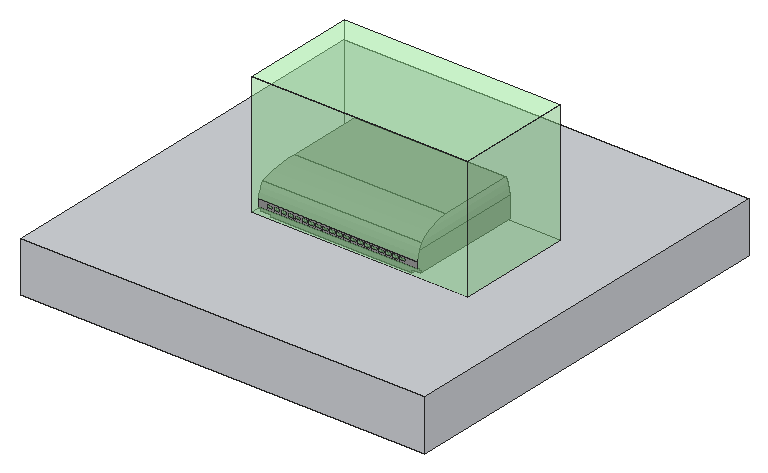
Revit family "RPC_FSN3_1.5_to_6.0_LOD_400", category Equipement de génie climatique, Revit 2016
Family settings
  Hôte = Face
  Type d'élément = Normal
  Cote de connecteur circulaire = Utiliser le diamètre
  Numéro OmniClass = 23.75.70.00
  Titre OmniClass = HVAC Distribution Devices
  Couper avec des vides une fois chargée = Non
  Partagée = Non
  Point de calcul de pièce = Non
Parameters (values of type "RPC FSN3 1.5")
  Usage Current = 5 A
  Sound power max (dB(A)) = 37
  Sound power level (dB(A)) = 53
  Sound power at minimal load (dB(A)) = 28
  Refrigerant = "R410A (factory-charged corrosion-proof nitrogen)"
  Overall Width = 960 mm
  Overall Height = 235 mm
  Overall Depth = 690 mm
  Number of Poles = "1"
  Nominal Voltage = 230 V
  Minimum Air Flow = 9000.0 L/min
  Minimum AC Voltage = 207 V
  Maximum Air Flow = 15000.0 L/min
  Maximum AC Voltage = 253 V
  Mass = 26.00 kg
  Heating Capacity = 4 W
  Gas pipe distance = 94 mm
  Operation and Service space [instance] = yes
  Modèle = "RPC FSN3"
  Liquid pipe diameter = 6 mm
  Frequency = 50 Hz
  Diamètre Gaz Entrée = 15 mm
  Diamètre Eau Entrée = 25 mm
  Liquid pipe Hight = 117 mm
  Drain pipe Hight = 40 mm
  Gas pipe Hight = 107 mm
  Fan motor type (output) = 50 W
  Fabricant = "HITACHI"
  Default Elevation = 1219.2 mm
  Liquid distance = 146 mm
  Drain distance = 222 mm
  Cooling Capacity = 3.6 W
  Color = "Spring white (4.1Y8.5/0.7)"
  BC_OBJECT_ID = "6658"  # constant formula
  Array vent = 20
  Air Flow(HiH/Hi/Me/low) m3/min = "15/13/11/9"
Types (7, lengths in mm): name | Sound power max (dB(A)) | Sound power level (dB(A)) | Sound power at minimal load (dB(A)) | Overall Width | Minimum Air Flow | Maximum Air Flow | Mass | Heating Capacity | Liquid pipe diameter | Diamètre Gaz Entrée | Fan motor type (output) | Cooling Capacity | Air Flow(HiH/Hi/Me/low) m3/min
  RPC FSN3 1.5 | 37 | 53 | 28 | 960 | 9000.0 L/min | 15000.0 L/min | 26.00 kg | 4 W | 6 | 15 | 50 W | 3.6 W | "15/13/11/9"
  RPC FSN3 2.0 | 38 | 54 | 28 | 960 | 9000.0 L/min | 15000.0 L/min | 27.00 kg | 5.6 W | 6 | 18 | 50 W | 5 W | "15/13/11/9"
  RPC FSN3 2.5 | 38 | 54 | 28 | 1270 | 11500.0 L/min | 19000.0 L/min | 35.00 kg | 6.3 W | 10 | 18 | 80 W | 5.6 W | "19/16.5/14/11.5"
  RPC FSN3 3.0 | 40 | 56 | 29 | 1270 | 12500.0 L/min | 21000.0 L/min | 35.00 kg | 8 W | 10 | 18 | 80 W | 7.1 W | "21/18.5/15.5/12.5"
  RPC FSN3 6.0 | 49 | 65 | 36 | 1580 | 21000.0 L/min | 37000.0 L/min | 41.00 kg | 16 W | 10 | 18 | 160 W | 14 W | "37/32.5/27/21"
  RPC FSN3 5.0 | 48 | 64 | 35 | 1580 | 20000.0 L/min | 35000.0 L/min | 41.00 kg | 14 W | 10 | 18 | 160 W | 12.5 W | "35/31/25.5/20"
  RPC FSN3 4.0 | 44 | 60 | 32 | 1580 | 17000.0 L/min | 30000.0 L/min | 41.00 kg | 11.2 W | 10 | 18 | 160 W | 10 W | "30/26.5/22/17"
Reference planes
  plane 1 "Centre (avant/arrière)": y = 0
  plane 2: z = 0
  plane 3 "Centre (gauche/droite)": x = 0
  plane 4 "AVANT": y = 345
  plane 5 "DROITE": x = 480
  plane 6 "GAUCHE": x = -480
  plane 7 "ARRIERE": y = -345
  plane 8 "Profondeur": z = 235
  plane 9 "L2": z = 735
Forms (mm)
  Extrusion 1, solid
    sketch origin (0, 0, 0) x (1, 0, 0) y (0, 1, 0)
      loop
        line (-1219.2, 1219.2) -> (-1219.2, -1219.2) -> (1219.2, -1219.2) -> (1219.2, 1219.2) -> (-1219.2, 1219.2)
    from 0 to -304.8
  Extrusion 2, solid, material "Copper"
    sketch origin (0, 345, 0) x (-1, 0, 0) y (0, 0, 1)
      loop
        circle (386, 128) r 7.5
      loop
        circle (334, 118) r 3
    from 0 to 8
  Extrusion 3, solid, material "Plastic, Opaque White"
    sketch origin (0, 345, 0) x (-1, 0, 0) y (0, 0, 1)
      loop
        circle (258, 195) r 12.5
    from 0 to 8
  Extrusion 4, solid, material "Plastic, Opaque White"
    sketch origin (-480, 0, 0) x (0, -1, 0) y (0, 0, 1)
      loop
        line (-345, 235) -> (-345, 0) -> (322.184, 0) -> (335, 47.829) -> (345, 47.829) -> (345, 88.813)
        arc (345, 88.813) -> (337.861, 134.643) -> (317.122, 176.131) r 150.687
        arc (317.122, 176.131) -> (215.864, 216.73) -> (108.311, 235) r 513.032
        line (108.311, 235) -> (-345, 235)
    from -960 to 0
  Extrusion 5, void
    sketch origin (0, 0, 0) x (1, 0, 0) y (0, 0, 1)
      loop
        line (480, 235) -> (455, 235)
        arc (455, 235) -> (473.634, 191.704) -> (480, 145) r 174.5
        line (480, 145) -> (480, 235)
      loop
        line (-480, 235) -> (-480, 145)
        arc (-480, 145) -> (-473.634, 191.704) -> (-455, 235) r 174.5
        line (-455, 235) -> (-480, 235)
      loop
        line (-480, 0) -> (-425.075, 0) -> (-425.075, 17.909) -> (-480, 17.909) -> (-480, 0)
      loop
        line (480, 0) -> (480, 17.909) -> (425.075, 17.909) -> (425.075, 0) -> (480, 0)
    from -345 to 345
  Extrusion 6, void
    sketch origin (-480, -345, 88.813) x (0, 0, 1) y (1, 0, 0)
      loop
        line (-30.837, 83.223) -> (-30.837, 53.223) -> (-10.837, 53.223) -> (-10.837, 83.223) -> (-30.837, 83.223)
    from 0 to 10
  Extrusion 7, void
    sketch origin (-480, -345, 88.813) x (0, 0, 1) y (1, 0, 0)
      loop
        line (-10.837, 93.223) -> (-10.837, 125.328) -> (-30.837, 125.328) -> (-30.837, 93.223) -> (-10.837, 93.223)
      loop
        line (-10.837, 135.328) -> (-10.837, 167.434) -> (-30.837, 167.434) -> (-30.837, 135.328) -> (-10.837, 135.328)
      loop
        line (-10.837, 177.434) -> (-10.837, 209.539) -> (-30.837, 209.539) -> (-30.837, 177.434) -> (-10.837, 177.434)
      loop
        line (-10.837, 219.539) -> (-10.837, 251.644) -> (-30.837, 251.644) -> (-30.837, 219.539) -> (-10.837, 219.539)
      loop
        line (-10.837, 261.644) -> (-10.837, 293.749) -> (-30.837, 293.749) -> (-30.837, 261.644) -> (-10.837, 261.644)
      loop
        line (-10.837, 303.749) -> (-10.837, 335.855) -> (-30.837, 335.855) -> (-30.837, 303.749) -> (-10.837, 303.749)
      loop
        line (-10.837, 345.855) -> (-10.837, 377.96) -> (-30.837, 377.96) -> (-30.837, 345.855) -> (-10.837, 345.855)
      loop
        line (-10.837, 387.96) -> (-10.837, 420.065) -> (-30.837, 420.065) -> (-30.837, 387.96) -> (-10.837, 387.96)
      loop
        line (-10.837, 430.065) -> (-10.837, 462.17) -> (-30.837, 462.17) -> (-30.837, 430.065) -> (-10.837, 430.065)
      loop
        line (-10.837, 472.17) -> (-10.837, 504.276) -> (-30.837, 504.276) -> (-30.837, 472.17) -> (-10.837, 472.17)
      loop
        line (-10.837, 514.276) -> (-10.837, 546.381) -> (-30.837, 546.381) -> (-30.837, 514.276) -> (-10.837, 514.276)
      loop
        line (-10.837, 556.381) -> (-10.837, 588.486) -> (-30.837, 588.486) -> (-30.837, 556.381) -> (-10.837, 556.381)
      loop
        line (-10.837, 598.486) -> (-10.837, 630.592) -> (-30.837, 630.592) -> (-30.837, 598.486) -> (-10.837, 598.486)
      loop
        line (-10.837, 640.592) -> (-10.837, 672.697) -> (-30.837, 672.697) -> (-30.837, 640.592) -> (-10.837, 640.592)
      loop
        line (-10.837, 682.697) -> (-10.837, 714.802) -> (-30.837, 714.802) -> (-30.837, 682.697) -> (-10.837, 682.697)
      loop
        line (-10.837, 724.802) -> (-10.837, 756.907) -> (-30.837, 756.907) -> (-30.837, 724.802) -> (-10.837, 724.802)
      loop
        line (-10.837, 766.907) -> (-10.837, 799.013) -> (-30.837, 799.013) -> (-30.837, 766.907) -> (-10.837, 766.907)
      loop
        line (-10.837, 809.013) -> (-10.837, 841.118) -> (-30.837, 841.118) -> (-30.837, 809.013) -> (-10.837, 809.013)
      loop
        line (-10.837, 851.118) -> (-10.837, 883.223) -> (-30.837, 883.223) -> (-30.837, 851.118) -> (-10.837, 851.118)
    from 0 to 10
  Extrusion 8, solid, material "Operation and service space", visible <- "Operation and Service space"
    sketch origin (0, 0, 0) x (1, 0, 0) y (0, 1, 0)
      loop
        line (-520, 353) -> (-520, -345) -> (780, -345) -> (780, 353) -> (-520, 353)
    from 0 to 735
Cuts and joins
  Extrusion 5, Extrusion 6, Extrusion 7 cuts Extrusion 4
Lines and regions (mm)
  Split face 1
    outline origin (-480, -345, 47.829) x (1, 0, 0) y (0, 0, 1)
      loop
        line (48.223, 5.148) -> (923.223, 5.148) -> (923.223, 35.148) -> (48.223, 35.148) -> (48.223, 5.148)
  Split face 2
    outline origin (-480, -345, 47.829) x (1, 0, 0) y (0, 0, 1)
      loop
        line (53.223, 30.148) -> (53.223, 10.148) -> (918.223, 10.148) -> (918.223, 30.148) -> (53.223, 30.148)
  model lines, style "MechanicalEquipmentHiddenLines", visible <- "Operation and Service space"
    curve 1: line (-520, 353, 0) -> (780, 353, 0)
    curve 2: line (-520, -345, 0) -> (-520, 353, 0)
    curve 3: line (780, -345, 0) -> (-520, -345, 0)
    curve 4: line (780, 353, 0) -> (780, -345, 0)
    curve 5: line (-520, 353, 735) -> (780, 353, 735)
    curve 6: line (-520, 55, 735) -> (-520, 353, 735)
    curve 7: line (780, -345, 735) -> (-520, -345, 735)
    curve 8: line (780, 353, 735) -> (780, 55, 735)
    curve 9: line (780, -345, 735) -> (780, -345, 0)
    curve 10: line (-520, -345, 735) -> (-520, -345, 0)
    curve 11: line (-520, 345, 735) -> (-520, 345, 0)
    curve 12: line (780, 345, 735) -> (780, 345, 0)
    curve 13: line (-520, 55, 735) -> (780, 55, 735)
    curve 14: line (780, 55, 735) -> (780, -345, 735)
    curve 15: line (-520, -345, 735) -> (-520, 55, 735)
  model lines, style "MechanicalEquipmentHiddenLines"
    curve 16: line (-431.777, -345, 82.976) -> (443.223, -345, 82.976)
    curve 17: line (-431.777, -345, 52.976) -> (-431.777, -345, 82.976)
    curve 18: line (443.223, -345, 52.976) -> (-431.777, -345, 52.976)
    curve 19: line (443.223, -345, 82.976) -> (443.223, -345, 52.976)
    curve 20: line (-426.777, -345, 57.976) -> (-426.777, -345, 77.976)
    curve 21: line (-426.777, -345, 77.976) -> (438.223, -345, 77.976)
    curve 22: line (438.223, -345, 57.976) -> (-426.777, -345, 57.976)
    curve 23: line (438.223, -345, 77.976) -> (438.223, -345, 57.976)
    curve 24: line (-386.777, -345, 77.976) -> (-386.777, -345, 57.976)
    curve 25: line (-396.777, -345, 77.976) -> (-396.777, -345, 57.976)
    curve 26: line (413.223, -345, 77.976) -> (413.223, -345, 57.976)
    curve 27: line (403.223, -345, 77.976) -> (403.223, -345, 57.976)
    curve 28: line (-344.672, -345, 77.976) -> (-344.672, -345, 57.976)
    curve 29: line (-354.672, -345, 77.976) -> (-354.672, -345, 57.976)
    curve 30: line (-302.566, -345, 77.976) -> (-302.566, -345, 57.976)
    curve 31: line (-312.566, -345, 77.976) -> (-312.566, -345, 57.976)
    curve 32: line (-260.461, -345, 77.976) -> (-260.461, -345, 57.976)
    curve 33: line (-270.461, -345, 77.976) -> (-270.461, -345, 57.976)
    curve 34: line (-218.356, -345, 77.976) -> (-218.356, -345, 57.976)
    curve 35: line (-228.356, -345, 77.976) -> (-228.356, -345, 57.976)
    curve 36: line (-176.251, -345, 77.976) -> (-176.251, -345, 57.976)
    curve 37: line (-186.251, -345, 77.976) -> (-186.251, -345, 57.976)
    curve 38: line (-134.145, -345, 77.976) -> (-134.145, -345, 57.976)
    curve 39: line (-144.145, -345, 77.976) -> (-144.145, -345, 57.976)
    curve 40: line (-92.04, -345, 77.976) -> (-92.04, -345, 57.976)
    curve 41: line (-102.04, -345, 77.976) -> (-102.04, -345, 57.976)
    curve 42: line (-49.935, -345, 77.976) -> (-49.935, -345, 57.976)
    curve 43: line (-59.935, -345, 77.976) -> (-59.935, -345, 57.976)
    curve 44: line (-7.83, -345, 77.976) -> (-7.83, -345, 57.976)
    curve 45: line (-17.83, -345, 77.976) -> (-17.83, -345, 57.976)
    curve 46: line (34.276, -345, 77.976) -> (34.276, -345, 57.976)
    curve 47: line (24.276, -345, 77.976) -> (24.276, -345, 57.976)
    curve 48: line (76.381, -345, 77.976) -> (76.381, -345, 57.976)
    curve 49: line (66.381, -345, 77.976) -> (66.381, -345, 57.976)
    curve 50: line (118.486, -345, 77.976) -> (118.486, -345, 57.976)
    curve 51: line (108.486, -345, 77.976) -> (108.486, -345, 57.976)
    curve 52: line (160.592, -345, 77.976) -> (160.592, -345, 57.976)
    curve 53: line (150.592, -345, 77.976) -> (150.592, -345, 57.976)
    curve 54: line (202.697, -345, 77.976) -> (202.697, -345, 57.976)
    curve 55: line (192.697, -345, 77.976) -> (192.697, -345, 57.976)
    curve 56: line (244.802, -345, 77.976) -> (244.802, -345, 57.976)
    curve 57: line (234.802, -345, 77.976) -> (234.802, -345, 57.976)
    curve 58: line (286.907, -345, 77.976) -> (286.907, -345, 57.976)
    curve 59: line (276.907, -345, 77.976) -> (276.907, -345, 57.976)
    curve 60: line (329.013, -345, 77.976) -> (329.013, -345, 57.976)
    curve 61: line (319.013, -345, 77.976) -> (319.013, -345, 57.976)
    curve 62: line (371.118, -345, 77.976) -> (371.118, -345, 57.976)
    curve 63: line (361.118, -345, 77.976) -> (361.118, -345, 57.976)
Dimensions and locks
  equal spacing: plane 6 "GAUCHE", plane 3 "Centre (gauche/droite)", plane 5 "DROITE"
  equal spacing: plane 7 "ARRIERE", plane 1 "Centre (avant/arrière)", plane 4 "AVANT"
  "Overall Width": plane 6 "GAUCHE" to plane 5 "DROITE"
  "Overall Depth": plane 4 "AVANT" to plane 7 "ARRIERE"
  "Overall Height": plane 8 "Profondeur" to plane 2
  "Liquid distance": plane 6 "GAUCHE" to Extrusion 2 sketch curve
  "Gas pipe distance": plane 6 "GAUCHE" to Extrusion 2 sketch curve
  "Drain distance": plane 6 "GAUCHE" to Extrusion 3 sketch curve
  "Drain pipe Hight": plane 8 "Profondeur" to Extrusion 3 sketch curve
  "Liquid pipe Hight": Extrusion 2 sketch curve to plane 8 "Profondeur"
  "Gas pipe Hight": Extrusion 2 sketch curve to plane 8 "Profondeur"
  locked: curve 2 to plane 6 "GAUCHE" at 40
  locked: plane 5 "DROITE" to curve 4 at 300
  locked: plane 4 "AVANT" to curve 1 at 8
  locked: plane 9 "L2" to plane 8 "Profondeur" at 500
  locked: plane 7 "ARRIERE" to curve 13 at 400
  equal spacing: group 1, group 3, group 4, group 5, group 6, group 7, group 8, group 9, group 10, group 11, group 12, group 13, group 14, group 15, group 16, group 17, group 18, group 19, group 20, group 2  (x3)
  "Liquid pipe diameter": diameter of Extrusion 2 sketch curve
  "Diamètre Gaz Entrée": diameter of Extrusion 2 sketch curve
  "Diamètre Eau Entrée": diameter of Extrusion 3 sketch curve
  aligned and locked: plane 2 to Extrusion 1
  aligned and locked: level to Extrusion 1
  aligned and locked: Extrusion 4 sketch curve to plane 8 "Profondeur"
  aligned and locked: Extrusion 4 sketch curve to plane 4 "AVANT"
  aligned and locked: level to Extrusion 4 sketch curve
  aligned and locked: Extrusion 4 sketch curve to plane 7 "ARRIERE"
  aligned and locked: plane 5 "DROITE" to Extrusion 4
  aligned and locked: plane 6 "GAUCHE" to Extrusion 4
  aligned and locked: plane 7 "ARRIERE" to Extrusion 5
  aligned and locked: plane 4 "AVANT" to Extrusion 5
  aligned and locked: curve 3 to plane 7 "ARRIERE"
  aligned and locked: Split face 2 sketch curve to curve 21
  aligned and locked: Split face 2 sketch curve to curve 20
  aligned and locked: Split face 2 sketch curve to curve 22
  aligned and locked: Split face 2 sketch curve to curve 23
  aligned and locked: Extrusion 6 sketch curve to curve 25
  aligned and locked: Extrusion 6 sketch curve to curve 22
  aligned and locked: Extrusion 6 sketch curve to curve 20
  aligned and locked: Extrusion 6 sketch curve to curve 21
  aligned and locked: Extrusion 7 sketch curve to curve 24
  aligned and locked: Extrusion 7 sketch curve to curve 21
  aligned and locked: Extrusion 7 sketch curve to curve 29
  aligned and locked: Extrusion 7 sketch curve to curve 22
  aligned and locked: Extrusion 8 sketch curve to curve 1
  aligned and locked: Extrusion 8 sketch curve to curve 2
  aligned and locked: Extrusion 8 sketch curve to curve 3
  aligned and locked: Extrusion 8 sketch curve to curve 4
  aligned and locked: plane 9 "L2" to Extrusion 8
Automatic sketch dimensions
  Extrusion 1 sketch curve to Extrusion 1 sketch curve = 2438.4 mm  (x2)
  plane 6 "GAUCHE" to Extrusion 5 sketch curve = 0 mm  (x2)
  Extrusion 5 sketch curve to level = 0 mm  (x2)
  Extrusion 5 sketch curve to plane 8 "Profondeur" = 0 mm  (x2)
  Extrusion 5 sketch curve to plane 5 "DROITE" = 0 mm  (x2)
  Extrusion 5 sketch curve to Extrusion 5 sketch curve = 25 mm
  level to Extrusion 5 sketch curve = 17.909 mm  (x2)
  Extrusion 5 sketch curve to plane 6 "GAUCHE" = 54.925 mm
  Extrusion 5 sketch curve to plane 8 "Profondeur" = 90 mm  (x2)
  Extrusion 5 sketch curve to Extrusion 5 sketch curve = 174.5 mm
  Extrusion 5 sketch curve to plane 5 "DROITE" = 54.925 mm
  plane 7 "ARRIERE" to curve 7 = 0 mm
  plane 5 "DROITE" to curve 8 = 300 mm
  plane 6 "GAUCHE" to curve 7 = 40 mm
  plane 4 "AVANT" to curve 5 = 8 mm
  curve 10 to plane 9 "L2" = 0 mm
  curve 10 to level = 0 mm
  curve 9 to level = 0 mm
  curve 9 to plane 9 "L2" = 0 mm
  plane 6 "GAUCHE" to curve 10 = 40 mm
  plane 5 "DROITE" to curve 9 = 300 mm
  curve 12 to plane 9 "L2" = 0 mm
  curve 12 to level = 0 mm
  curve 11 to level = 0 mm
  curve 11 to plane 9 "L2" = 0 mm
  plane 5 "DROITE" to curve 12 = 300 mm
  plane 6 "GAUCHE" to curve 11 = 40 mm
  plane 1 "Centre (avant/arrière)" to Extrusion 4 sketch curve = 76.655 mm
  plane 1 "Centre (avant/arrière)" to Extrusion 4 sketch curve = 108.311 mm
  Extrusion 4 sketch curve to plane 7 "ARRIERE" = 150.687 mm
  Extrusion 4 sketch curve to plane 7 "ARRIERE" = 22.816 mm
  Extrusion 4 sketch curve to plane 7 "ARRIERE" = 10 mm
  level to Extrusion 4 sketch curve = 47.829 mm
  level to Extrusion 4 sketch curve = 88.813 mm
  Extrusion 4 sketch curve to plane 7 "ARRIERE" = 27.878 mm
  Split face 1 sketch curve to cut or joined group of Extrusion 4, Extrusion 5, Extrusion 6, Extrusion 7 = 5.148 mm
  Split face 1 sketch curve to cut or joined group of Extrusion 4, Extrusion 5, Extrusion 6, Extrusion 7 = 48.223 mm
  Split face 1 sketch curve to cut or joined group of Extrusion 4, Extrusion 5, Extrusion 6, Extrusion 7 = 5.837 mm
  Split face 1 sketch curve to cut or joined group of Extrusion 4, Extrusion 5, Extrusion 6, Extrusion 7 = 36.777 mm
  cut or joined group of Extrusion 4, Extrusion 5, Extrusion 6, Extrusion 7 to curve 18 = 5.148 mm
  curve 16 to curve 21 = 5 mm
  cut or joined group of Extrusion 4, Extrusion 5, Extrusion 6, Extrusion 7 to curve 22 = 10.148 mm
  cut or joined group of Extrusion 4, Extrusion 5, Extrusion 6, Extrusion 7 to curve 22 = 41.777 mm
  curve 22 to curve 18 = 5 mm
  curve 21 to cut or joined group of Extrusion 4, Extrusion 5, Extrusion 6, Extrusion 7 = 10.837 mm
  curve 17 to cut or joined group of Extrusion 4, Extrusion 5, Extrusion 6, Extrusion 7 = 5.837 mm
  cut or joined group of Extrusion 4, Extrusion 5, Extrusion 6, Extrusion 7 to curve 20 = 53.223 mm
  Extrusion 7 sketch curve to Extrusion 4 = 10.148 mm  (x2)
  Extrusion 7 sketch curve to Extrusion 7 sketch curve = 0 mm  (x33)
  Extrusion 4 to Extrusion 7 sketch curve = 10.837 mm
  Extrusion 7 sketch curve to Extrusion 7 sketch curve = 10 mm  (x18)
  Extrusion 7 sketch curve to Extrusion 7 sketch curve = 32.105 mm  (x18)
Connectors
  piping at (-386, 353, 128), diameter 15, driven by "Diamètre Gaz Entrée"
    settings: on Extrusion 2, index 1, connector inside diameter 609.6 mm, connector length 0 mm, flow factor 0, pipe flow 0.0 L/s, pressure drop 0.0 Pa, fitting loss kfactor 0, connector angle 0.00°, fixture units 0, engagement length 0 mm, angle of deflection 0.00°, flow configuration 0, flow direction 0, fitting loss method 0, system type 29, joint type 0, gender type 0, connector reference index -1, connector utility 0, adjustable connector no, is connector primary yes, connector description ""
  piping at (-334, 353, 118), diameter 6, driven by "Liquid pipe diameter"
    settings: on Extrusion 2, index 2, connector inside diameter 609.6 mm, connector length 0 mm, flow factor 0, pipe flow 0.0 L/s, pressure drop 0.0 Pa, fitting loss kfactor 0, connector angle 0.00°, fixture units 0, engagement length 0 mm, angle of deflection 0.00°, flow configuration 0, flow direction 0, fitting loss method 0, system type 29, joint type 0, gender type 0, connector reference index -1, connector utility 0, adjustable connector no, is connector primary no, connector description ""
  piping at (-258, 353, 195), diameter 25, driven by "Diamètre Eau Entrée"
    settings: on Extrusion 3, index 3, connector inside diameter 609.6 mm, connector length 0 mm, flow factor 0, pipe flow 0.0 L/s, pressure drop 0.0 Pa, fitting loss kfactor 0, connector angle 0.00°, fixture units 0, engagement length 0 mm, angle of deflection 0.00°, flow configuration 0, flow direction 0, fitting loss method 0, system type 16, joint type 0, gender type 0, connector reference index -1, connector utility 0, adjustable connector no, is connector primary no, connector description ""
